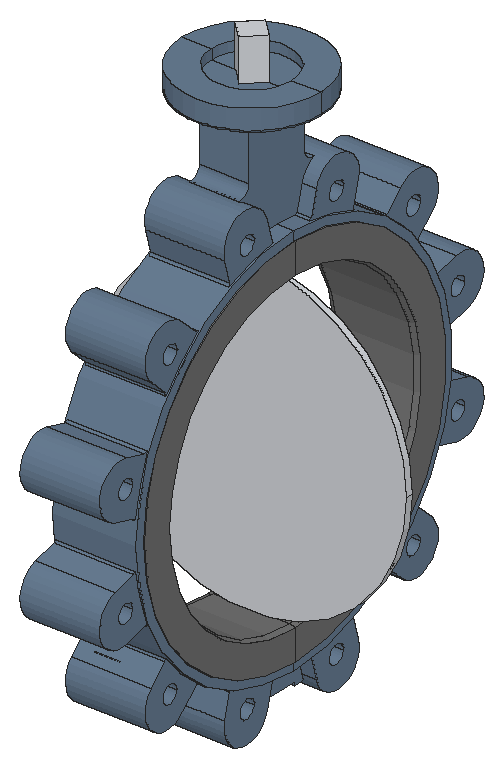
Revit family "HERZ Isolating Butterfly Valves AF-4219", category Rohrzubehör, Revit 2018
Family settings
  Bemaßung runder Anschluss = Durchmesser verwenden
  Teiletyp = Unterbricht
  OmniClass-Nummer = 23.65.55.14
  OmniClass-Titel = Valves for Liquid Services
  Arbeitsebenenbasiert = Nein
  Immer vertikal = Ja
  Beim Laden mit Abzugskörper schneiden = Nein
  Gemeinsam genutzt = Nein
Parameters
  Weight [instance] = size_lookup("4219_AF_", "Gewicht", 3.8, Nennweite)  # 37.6
  URL = "www.herzvalves.com"
  Spindle = "stainless steel ASTM-A276 / Type 316"  # constant formula
  Screws [instance] = if(Nennweite = 50.000 mm, "4x M16x35", if(Nennweite = 65.000 mm, "4x M16x35", if(Nennweite = 80.000 mm, "8x M16x35", if(Nennweite = 100.000 mm, "8x M16x40", if(Nennweite = 125.000 mm, "8x M16x40", if(Nennweite = 150.000 mm, "8x M20x40", if(Nennweite = 200.000 mm, "12x M20x45", if(Nennweite = 250.000 mm, "12x M24x45", "12x M24x45"))))))))  # "12x M24x45"
  SCTWSEQ = "FW;SBT_TYP_FW=\"101\";2"
  SCTWCODE = "04;07;02"  # constant formula
  SCRNSEQ = "ARM;ARM_TYP=\"ALLF\";2"
  SCRNCODE = "05;13;02"  # constant formula
  R99 = 1.500 mm  # constant formula
  R02 [instance] = size_lookup("4219_AF_", "R2", 1.000 mm, Nennweite)  # 37.500 mm
  Part number [instance] = size_lookup("4219_AF_", "Artnr", 421911, Nennweite)  # 1421939
  PN [instance] = size_lookup("4219_AF_", "PN", 16, Nennweite)  # 10
  O-Ring = "EPDM entsprechend ISO 1691"  # constant formula
  Min. operating temperature = "-20.00 °C with appropriate water-glycol mixture"  # constant formula
  Medium = "Heating water quality according ÖNORM H5195 or VDI-Standard 2035. The use of ethylene or propylene glycol in a\nmixing ratio 25- 50% is allowed."
  Max. operating temperature = 110 °C  # constant formula
  L05 [instance] = size_lookup("4219_AF_", "L5", 1.000 mm, Nennweite)  # 22.000 mm
  L04 [instance] = L01 - 3.500 mm  # 35.500 mm
  L03 [instance] = L01 + 1.500 mm  # 40.500 mm
  L02 [instance] = size_lookup("4219_AF_", "L2", 14.500 mm, Nennweite)  # 30.500 mm
  L01 [instance] = size_lookup("4219_AF_", "L1", 21.500 mm, Nennweite)  # 39.000 mm
  R01 [instance] = size_lookup("4219_AF_", "R1", 44.000 mm, Nennweite)  # 65.000 mm
  Nennweite [instance] = 300.000 mm
  Hersteller = "HERZ Armaturen Ges.m.b.H."  # constant formula
  H05 [instance] = size_lookup("4219_AF_", "H5", 1.000 mm, Nennweite) + H03  # 39.000 mm
  H04 [instance] = H01 - H03  # 299.000 mm
  H03 [instance] = size_lookup("4219_AF_", "H3", 1.000 mm, Nennweite)  # 9.000 mm
  H02 [instance] = size_lookup("4219_AF_", "H2", 13.000 mm, Nennweite)  # 20.000 mm
  H01 [instance] = size_lookup("4219_AF_", "H1", 125.000 mm, Nennweite)  # 308.000 mm
  Flange = "accoding to EN1092-2"  # constant formula
  Torque in NM [instance] = size_lookup("4219_AF_", "Nm", 20, Nennweite)  # 350
  Disc = "stainless steel 1.4408"  # constant formula
  DN80 [instance] = Nennweite = 80.000 mm  # no
  DN65 [instance] = Nennweite = 65.000 mm  # no
  DN50 [instance] = Nennweite = 50.000 mm  # no
  DN300 [instance] = Nennweite = 300.000 mm  # yes
  DN250 [instance] = Nennweite = 250.000 mm  # no
  DN200 [instance] = Nennweite = 200.000 mm  # no
  DN150 [instance] = Nennweite = 150.000 mm  # no
  DN125 [instance] = Nennweite = 125.000 mm  # no
  DN100 [instance] = Nennweite = 100.000 mm  # no
  D06 [instance] = size_lookup("4219_AF_", "D6", 25.300 mm, Nennweite)  # 146.500 mm
  D05 [instance] = size_lookup("4219_AF_", "D5", 24.500 mm, Nennweite)  # 145.000 mm
  D04 [instance] = D05 + 2.000 mm  # 147.000 mm
  D03 [instance] = size_lookup("4219_AF_", "D3", 35.500 mm, Nennweite)  # 167.500 mm
  D02 [instance] = size_lookup("4219_AF_", "D2", 41.000 mm, Nennweite)  # 175.000 mm
  D01 [instance] = size_lookup("4219_AF_", "D1", 47.000 mm, Nennweite)  # 183.000 mm
  Body sealing = "EPDM according to ISO 1691"  # constant formula
  Body = "GGG, GJS-400-15/JS1030, according to EN1563"  # constant formula
  Application = "Suitable for fluids in building services, cold water systems, hot water saystems, etc."
Reference planes
  plane 1 "Mitte (Vorne/hinten)": y = 0
  plane 2: z = 0
  plane 3 "Mitte (Links/rechts)": x = 0
Forms (mm)
  Revolve 1, solid, material "Herz-Metall-blau", detail levels fine
    sketch origin (0, 0, 0) x (1, 0, 0) y (0, 0, 1)
      loop
        line (-30.5, 175) -> (-30.5, 167.5) -> (30.5, 167.5) -> (30.5, 175) -> (39, 175) -> (39, 183) -> (-39, 183) -> (-39, 175) -> (-30.5, 175)
      axis (-39, 0) -> (39, 0)
    angle from 0 to 360
  Revolve 2, solid, material "Herz-Metall-blau", detail levels fine
    sketch origin (0, 0, 0) x (1, 0, 0) y (0, 0, 1)
      loop
        line (-65, 308) -> (-65, 289.463)
        arc (-65, 289.463) -> (-64.673, 288.527) -> (-63.833, 288) r 1.5
        line (-63.833, 288) -> (0, 288) -> (0, 299) -> (-37.5, 299) -> (-37.5, 308) -> (-65, 308)
      axis (0, 308) -> (0, 288)
    angle from 0 to 360
  Extrusion 3, solid, material "Herz-Metall-blau", visible <- "DN50", detail levels fine
    sketch origin (0, 0, 0) x (0, 1, 0) y (0, 0, 1)
      loop
        line (56.215, -32.173) -> (43.95, -19.909)
        arc (43.95, -19.909) -> (43.387, -18.793) -> (43.596, -17.56) r 2
        arc (43.596, -17.56) -> (33.234, -33.234) -> (17.56, -43.596) r 47
        arc (17.56, -43.596) -> (18.793, -43.387) -> (19.909, -43.95) r 2
        line (19.909, -43.95) -> (32.173, -56.215)
        arc (32.173, -56.215) -> (56.215, -56.215) -> (56.215, -32.173) r 17
      loop
        arc (-56.215, -32.173) -> (-56.215, -56.215) -> (-32.173, -56.215) r 17
        line (-32.173, -56.215) -> (-19.909, -43.95)
        arc (-19.909, -43.95) -> (-18.793, -43.387) -> (-17.56, -43.596) r 2
        arc (-17.56, -43.596) -> (-33.234, -33.234) -> (-43.596, -17.56) r 47
        arc (-43.596, -17.56) -> (-43.387, -18.793) -> (-43.95, -19.909) r 2
        line (-43.95, -19.909) -> (-56.215, -32.173)
      loop
        arc (56.215, 32.173) -> (56.215, 56.215) -> (32.173, 56.215) r 17
        line (32.173, 56.215) -> (19.909, 43.95)
        arc (19.909, 43.95) -> (18.793, 43.387) -> (17.56, 43.596) r 2
        arc (17.56, 43.596) -> (33.234, 33.234) -> (43.596, 17.56) r 47
        arc (43.596, 17.56) -> (43.387, 18.793) -> (43.95, 19.909) r 2
        line (43.95, 19.909) -> (56.215, 32.173)
      loop
        line (-56.215, 32.173) -> (-43.95, 19.909)
        arc (-43.95, 19.909) -> (-43.387, 18.793) -> (-43.596, 17.56) r 2
        arc (-43.596, 17.56) -> (-33.234, 33.234) -> (-17.56, 43.596) r 47
        arc (-17.56, 43.596) -> (-18.793, 43.387) -> (-19.909, 43.95) r 2
        line (-19.909, 43.95) -> (-32.173, 56.215)
        arc (-32.173, 56.215) -> (-56.215, 56.215) -> (-56.215, 32.173) r 17
      loop
        circle (-44.194, 44.194) r 6.92
      loop
        circle (44.194, 44.194) r 6.92
      loop
        circle (44.194, -44.194) r 6.92
      loop
        circle (-44.194, -44.194) r 6.92
    from -19.5 to 19.5
  Extrusion 4, solid, material "Herz-Metall-blau", visible <- "DN50", detail levels fine
    sketch origin (0, 0, 0) x (0, 1, 0) y (0, 0, 1)
      loop
        line (20, 74.845) -> (20, 112) -> (-20, 112) -> (-20, 74.845)
        arc (-20, 74.845) -> (-26.046, 62.811) -> (-39.31, 60.477) r 15
        arc (-39.31, 60.477) -> (-35.477, 58.789) -> (-32.173, 56.215) r 17
        line (-32.173, 56.215) -> (-19.909, 43.95)
        arc (-19.909, 43.95) -> (-18.793, 43.387) -> (-17.56, 43.596) r 2
        arc (-17.56, 43.596) -> (0, 47) -> (17.56, 43.596) r 47
        arc (17.56, 43.596) -> (18.793, 43.387) -> (19.909, 43.95) r 2
        line (19.909, 43.95) -> (32.173, 56.215)
        arc (32.173, 56.215) -> (35.477, 58.789) -> (39.31, 60.477) r 17
        arc (39.31, 60.477) -> (26.046, 62.811) -> (20, 74.845) r 15
    from -15 to 15
  Extrusion 5, solid, material "Herz-Metall-blau", visible <- "DN50"
    sketch origin (0, 0, 0) x (0, 1, 0) y (0, 0, 1)
      loop
        arc (33.834, -58) -> (34.246, -58.062) -> (34.622, -58.243) r 1.4
        arc (34.622, -58.243) -> (33.35, -57.286) -> (32.173, -56.215) r 17
        line (32.173, -56.215) -> (19.909, -43.95)
        arc (19.909, -43.95) -> (18.793, -43.387) -> (17.56, -43.596) r 2
        arc (17.56, -43.596) -> (0, -47) -> (-17.56, -43.596) r 47
        arc (-17.56, -43.596) -> (-18.793, -43.387) -> (-19.909, -43.95) r 2
        line (-19.909, -43.95) -> (-32.173, -56.215)
        arc (-32.173, -56.215) -> (-33.35, -57.286) -> (-34.622, -58.243) r 17
        arc (-34.622, -58.243) -> (-34.246, -58.062) -> (-33.834, -58) r 1.4
        line (-33.834, -58) -> (-16.963, -58)
        arc (-16.963, -58) -> (-15.575, -58.575) -> (-15, -59.963) r 1.963
        line (-15, -59.963) -> (-15, -61) -> (15, -61) -> (15, -59.963)
        arc (15, -59.963) -> (15.575, -58.575) -> (16.963, -58) r 1.963
        line (16.963, -58) -> (33.834, -58)
    from -15 to 15
  Revolve 6, solid, material "Gummi", detail levels fine
    sketch origin (-134.5, 0, 0) x (1, 0, 0) y (0, 0, 1)
      loop
        line (94, 175) -> (94, 147) -> (99, 145) -> (170, 145) -> (175, 147) -> (175, 175) -> (165, 175) -> (165, 167.5) -> (104, 167.5) -> (104, 175) -> (94, 175)
      axis (94, 0) -> (175, 0)
    angle from 0 to 360
  Extrusion 7, solid, detail levels fine
    sketch origin (0, 0, 0) x (1, 0, 0) y (0, 0, 1)
      loop
        circle (0, 0) r 146.5
    from -2.5 to 2.5
  Extrusion 8, solid, material "Herz-Metall-blau", visible <- "DN65", detail levels fine
    sketch origin (0, -300, 0) x (0, 1, 0) y (0, 0, 1)
      loop
        circle (351.265, 51.265) r 6.92
      loop
        arc (363.286, 39.244) -> (363.286, 63.286) -> (339.244, 63.286) r 17
        line (339.244, 63.286) -> (328.595, 52.636)
        arc (328.595, 52.636) -> (327.499, 52.076) -> (326.282, 52.264) r 2
        arc (326.282, 52.264) -> (341.366, 41.366) -> (352.264, 26.282) r 58.501
        arc (352.264, 26.282) -> (352.087, 27.51) -> (352.656, 28.614) r 2.038
        line (352.656, 28.614) -> (363.286, 39.244)
      loop
        circle (351.265, -51.265) r 6.92
      loop
        line (363.286, -39.244) -> (352.656, -28.614)
        arc (352.656, -28.614) -> (352.087, -27.51) -> (352.264, -26.282) r 2.038
        arc (352.264, -26.282) -> (341.366, -41.366) -> (326.282, -52.264) r 58.501
        arc (326.282, -52.264) -> (327.499, -52.076) -> (328.595, -52.636) r 2
        line (328.595, -52.636) -> (339.244, -63.286)
        arc (339.244, -63.286) -> (363.286, -63.286) -> (363.286, -39.244) r 17
      loop
        circle (248.735, 51.265) r 6.92
      loop
        line (236.714, 39.244) -> (247.344, 28.614)
        arc (247.344, 28.614) -> (247.913, 27.51) -> (247.736, 26.282) r 2.038
        arc (247.736, 26.282) -> (258.634, 41.366) -> (273.718, 52.264) r 58.501
        arc (273.718, 52.264) -> (272.501, 52.076) -> (271.405, 52.636) r 2
        line (271.405, 52.636) -> (260.756, 63.286)
        arc (260.756, 63.286) -> (236.714, 63.286) -> (236.714, 39.244) r 17
      loop
        circle (248.735, -51.265) r 6.92
      loop
        arc (236.714, -39.244) -> (236.714, -63.286) -> (260.756, -63.286) r 17
        line (260.756, -63.286) -> (271.405, -52.636)
        arc (271.405, -52.636) -> (272.501, -52.076) -> (273.718, -52.264) r 2
        arc (273.718, -52.264) -> (258.634, -41.366) -> (247.736, -26.282) r 58.501
        arc (247.736, -26.282) -> (247.913, -27.51) -> (247.344, -28.614) r 2.038
        line (247.344, -28.614) -> (236.714, -39.244)
    from -21 to 21
  Extrusion 9, solid, material "Herz-Metall-blau", visible <- "DN65", detail levels fine
    sketch origin (0, -300, 0) x (0, 1, 0) y (0, 0, 1)
      loop
        line (278, 136.5) -> (278, 78.286)
        arc (278, 78.286) -> (272.889, 69.099) -> (263, 65.53) r 14.984
        line (263, 65.53) -> (257.982, 65.53)
        arc (257.982, 65.53) -> (259.428, 64.481) -> (260.756, 63.286) r 17
        line (260.756, 63.286) -> (271.405, 52.636)
        arc (271.405, 52.636) -> (272.501, 52.076) -> (273.718, 52.264) r 2
        arc (273.718, 52.264) -> (300, 58.5) -> (326.282, 52.264) r 58.5
        arc (326.282, 52.264) -> (327.499, 52.076) -> (328.595, 52.636) r 2
        line (328.595, 52.636) -> (339.244, 63.286)
        arc (339.244, 63.286) -> (340.572, 64.481) -> (342.018, 65.53) r 17
        line (342.018, 65.53) -> (337, 65.53)
        arc (337, 65.53) -> (327.111, 69.099) -> (322, 78.286) r 14.984
        line (322, 78.286) -> (322, 136.5) -> (278, 136.5)
      loop
        arc (260.756, -63.286) -> (259.428, -64.481) -> (257.982, -65.53) r 17
        line (257.982, -65.53) -> (280.029, -65.53)
        arc (280.029, -65.53) -> (281.423, -66.108) -> (282, -67.501) r 1.971
        line (282, -67.501) -> (282, -74) -> (318, -74) -> (318, -67.527)
        arc (318, -67.527) -> (318.585, -66.115) -> (319.997, -65.53) r 1.997
        line (319.997, -65.53) -> (342.018, -65.53)
        arc (342.018, -65.53) -> (340.572, -64.481) -> (339.244, -63.286) r 17
        line (339.244, -63.286) -> (328.595, -52.636)
        arc (328.595, -52.636) -> (327.499, -52.076) -> (326.282, -52.264) r 2
        arc (326.282, -52.264) -> (300, -58.5) -> (273.718, -52.264) r 58.5
        arc (273.718, -52.264) -> (272.501, -52.076) -> (271.405, -52.636) r 2
        line (271.405, -52.636) -> (260.756, -63.286)
    from -18 to 18
  Extrusion 10, solid, material "Herz-Metall-blau", visible <- "DN80", detail levels fine
    sketch origin (0, -300, 0) x (0, 1, 0) y (0, 0, 1)
      loop
        circle (269.385, 73.91) r 6.92
      loop
        arc (285.091, 80.416) -> (262.88, 89.616) -> (253.679, 67.405) r 17
        line (253.679, 67.405) -> (259.513, 53.322)
        arc (259.513, 53.322) -> (259.602, 52.073) -> (258.924, 51.02) r 1.982
        arc (258.924, 51.02) -> (274.934, 60.514) -> (292.968, 65.121) r 65.5
        arc (292.968, 65.121) -> (291.745, 65.388) -> (290.924, 66.335) r 1.984
        line (290.924, 66.335) -> (285.091, 80.416)
      loop
        circle (226.09, 30.615) r 6.92
      loop
        line (219.584, 14.909) -> (233.665, 9.076)
        arc (233.665, 9.076) -> (234.612, 8.255) -> (234.879, 7.032) r 1.984
        arc (234.879, 7.032) -> (239.486, 25.066) -> (248.98, 41.076) r 65.5
        arc (248.98, 41.076) -> (247.927, 40.398) -> (246.678, 40.487) r 1.982
        line (246.678, 40.487) -> (232.595, 46.321)
        arc (232.595, 46.321) -> (210.384, 37.12) -> (219.584, 14.909) r 17
      loop
        circle (269.385, -73.91) r 6.92
      loop
        line (285.091, -80.416) -> (290.924, -66.335)
        arc (290.924, -66.335) -> (291.745, -65.388) -> (292.968, -65.121) r 1.984
        arc (292.968, -65.121) -> (274.934, -60.514) -> (258.924, -51.02) r 65.5
        arc (258.924, -51.02) -> (259.602, -52.073) -> (259.513, -53.322) r 1.982
        line (259.513, -53.322) -> (253.679, -67.405)
        arc (253.679, -67.405) -> (262.88, -89.616) -> (285.091, -80.416) r 17
      loop
        circle (226.09, -30.615) r 6.92
      loop
        arc (219.584, -14.909) -> (210.384, -37.12) -> (232.595, -46.321) r 17
        line (232.595, -46.321) -> (246.678, -40.487)
        arc (246.678, -40.487) -> (247.927, -40.398) -> (248.98, -41.076) r 1.982
        arc (248.98, -41.076) -> (239.486, -25.066) -> (234.879, -7.032) r 65.5
        arc (234.879, -7.032) -> (234.612, -8.255) -> (233.665, -9.076) r 1.984
        line (233.665, -9.076) -> (219.584, -14.909)
      loop
        circle (330.615, 73.91) r 6.92
      loop
        line (314.909, 80.416) -> (309.076, 66.335)
        arc (309.076, 66.335) -> (308.255, 65.388) -> (307.032, 65.121) r 1.984
        arc (307.032, 65.121) -> (325.066, 60.514) -> (341.076, 51.02) r 65.5
        arc (341.076, 51.02) -> (340.398, 52.073) -> (340.487, 53.322) r 1.982
        line (340.487, 53.322) -> (346.321, 67.405)
        arc (346.321, 67.405) -> (337.12, 89.616) -> (314.909, 80.416) r 17
      loop
        circle (373.91, 30.615) r 6.92
      loop
        arc (380.416, 14.909) -> (389.616, 37.12) -> (367.405, 46.321) r 17
        line (367.405, 46.321) -> (353.322, 40.487)
        arc (353.322, 40.487) -> (352.073, 40.398) -> (351.02, 41.076) r 1.982
        arc (351.02, 41.076) -> (360.514, 25.066) -> (365.121, 7.032) r 65.5
        arc (365.121, 7.032) -> (365.388, 8.255) -> (366.335, 9.076) r 1.984
        line (366.335, 9.076) -> (380.416, 14.909)
      loop
        circle (330.615, -73.91) r 6.92
      loop
        arc (314.909, -80.416) -> (337.12, -89.616) -> (346.321, -67.405) r 17
        line (346.321, -67.405) -> (340.487, -53.322)
        arc (340.487, -53.322) -> (340.398, -52.073) -> (341.076, -51.02) r 1.982
        arc (341.076, -51.02) -> (325.066, -60.514) -> (307.032, -65.121) r 65.5
        arc (307.032, -65.121) -> (308.255, -65.388) -> (309.076, -66.335) r 1.984
        line (309.076, -66.335) -> (314.909, -80.416)
      loop
        circle (373.91, -30.615) r 6.92
      loop
        line (380.416, -14.909) -> (366.335, -9.076)
        arc (366.335, -9.076) -> (365.388, -8.255) -> (365.121, -7.032) r 1.984
        arc (365.121, -7.032) -> (360.514, -25.066) -> (351.02, -41.076) r 65.5
        arc (351.02, -41.076) -> (352.073, -40.398) -> (353.322, -40.487) r 1.982
        line (353.322, -40.487) -> (367.405, -46.321)
        arc (367.405, -46.321) -> (389.616, -37.12) -> (380.416, -14.909) r 17
    from -21 to 21
  Extrusion 11, solid, material "Herz-Metall-blau", visible <- "DN80", detail levels fine
    sketch origin (0, -300, 0) x (0, 1, 0) y (0, 0, 1)
      loop
        line (278, 143.5) -> (278, 100.814)
        arc (278, 100.814) -> (275.545, 94.251) -> (269.385, 90.91) r 10
        arc (269.385, 90.91) -> (278.83, 88.045) -> (285.091, 80.416) r 17
        line (285.091, 80.416) -> (290.924, 66.335)
        arc (290.924, 66.335) -> (291.744, 65.388) -> (292.968, 65.121) r 1.984
        arc (292.968, 65.121) -> (300, 65.497) -> (307.032, 65.121) r 66.05
        arc (307.032, 65.121) -> (308.256, 65.388) -> (309.076, 66.335) r 1.984
        line (309.076, 66.335) -> (314.909, 80.416)
        arc (314.909, 80.416) -> (321.17, 88.045) -> (330.615, 90.91) r 17
        arc (330.615, 90.91) -> (324.455, 94.251) -> (322, 100.814) r 10
        line (322, 100.814) -> (322, 143.5) -> (278, 143.5)
      loop
        line (285.091, -80.416) -> (286.5, -80.946) -> (313.5, -80.946) -> (314.89, -80.371) -> (309.076, -66.335)
        arc (309.076, -66.335) -> (308.256, -65.388) -> (307.032, -65.121) r 1.984
        arc (307.032, -65.121) -> (300, -65.497) -> (292.968, -65.121) r 66.05
        arc (292.968, -65.121) -> (291.744, -65.388) -> (290.924, -66.335) r 1.984
        line (290.924, -66.335) -> (285.091, -80.416)
    from -18.5 to 18.5
  Extrusion 12, solid, material "Herz-Metall-blau", visible <- "DN100", detail levels fine
    sketch origin (0, -300, 0) x (0, 1, 0) y (0, 0, 1)
      loop
        circle (265.558, 83.149) r 6.92
      loop
        arc (281.264, 89.655) -> (259.053, 98.855) -> (249.853, 76.644) r 17
        line (249.853, 76.644) -> (255.731, 62.451)
        arc (255.731, 62.451) -> (255.813, 61.14) -> (255.074, 60.055) r 2.025
        arc (255.074, 60.055) -> (271.3, 69.291) -> (289.305, 74.233) r 75
        arc (289.305, 74.233) -> (288.012, 74.478) -> (287.142, 75.464) r 2.027
        line (287.142, 75.464) -> (281.264, 89.655)
      loop
        circle (216.851, 34.442) r 6.92
      loop
        line (210.345, 18.736) -> (224.536, 12.858)
        arc (224.536, 12.858) -> (225.522, 11.988) -> (225.767, 10.695) r 2.027
        arc (225.767, 10.695) -> (230.709, 28.7) -> (239.945, 44.926) r 75
        arc (239.945, 44.926) -> (238.86, 44.187) -> (237.549, 44.269) r 2.025
        line (237.549, 44.269) -> (223.356, 50.147)
        arc (223.356, 50.147) -> (201.145, 40.947) -> (210.345, 18.736) r 17
      loop
        circle (265.558, -83.149) r 6.92
      loop
        line (281.264, -89.655) -> (287.142, -75.464)
        arc (287.142, -75.464) -> (288.012, -74.478) -> (289.305, -74.233) r 2.027
        arc (289.305, -74.233) -> (271.3, -69.291) -> (255.074, -60.055) r 75
        arc (255.074, -60.055) -> (255.813, -61.14) -> (255.731, -62.451) r 2.025
        line (255.731, -62.451) -> (249.853, -76.644)
        arc (249.853, -76.644) -> (259.053, -98.855) -> (281.264, -89.655) r 17
      loop
        circle (216.851, -34.442) r 6.92
      loop
        arc (210.345, -18.736) -> (201.145, -40.947) -> (223.356, -50.147) r 17
        line (223.356, -50.147) -> (237.549, -44.269)
        arc (237.549, -44.269) -> (238.86, -44.187) -> (239.945, -44.926) r 2.025
        arc (239.945, -44.926) -> (230.709, -28.7) -> (225.767, -10.695) r 75
        arc (225.767, -10.695) -> (225.522, -11.988) -> (224.536, -12.858) r 2.027
        line (224.536, -12.858) -> (210.345, -18.736)
      loop
        circle (334.442, 83.149) r 6.92
      loop
        line (318.736, 89.655) -> (312.858, 75.464)
        arc (312.858, 75.464) -> (311.988, 74.478) -> (310.695, 74.233) r 2.027
        arc (310.695, 74.233) -> (328.7, 69.291) -> (344.926, 60.055) r 75
        arc (344.926, 60.055) -> (344.187, 61.14) -> (344.269, 62.451) r 2.025
        line (344.269, 62.451) -> (350.147, 76.644)
        arc (350.147, 76.644) -> (340.947, 98.855) -> (318.736, 89.655) r 17
      loop
        circle (383.149, 34.442) r 6.92
      loop
        arc (389.655, 18.736) -> (398.855, 40.947) -> (376.644, 50.147) r 17
        line (376.644, 50.147) -> (362.451, 44.269)
        arc (362.451, 44.269) -> (361.14, 44.187) -> (360.055, 44.926) r 2.025
        arc (360.055, 44.926) -> (369.291, 28.7) -> (374.233, 10.695) r 75
        arc (374.233, 10.695) -> (374.478, 11.988) -> (375.464, 12.858) r 2.027
        line (375.464, 12.858) -> (389.655, 18.736)
      loop
        circle (334.442, -83.149) r 6.92
      loop
        arc (318.736, -89.655) -> (340.947, -98.855) -> (350.147, -76.644) r 17
        line (350.147, -76.644) -> (344.269, -62.451)
        arc (344.269, -62.451) -> (344.187, -61.14) -> (344.926, -60.055) r 2.025
        arc (344.926, -60.055) -> (328.7, -69.291) -> (310.695, -74.233) r 75
        arc (310.695, -74.233) -> (311.988, -74.478) -> (312.858, -75.464) r 2.027
        line (312.858, -75.464) -> (318.736, -89.655)
      loop
        circle (383.149, -34.442) r 6.92
      loop
        line (389.655, -18.736) -> (375.464, -12.858)
        arc (375.464, -12.858) -> (374.478, -11.988) -> (374.233, -10.695) r 2.027
        arc (374.233, -10.695) -> (369.291, -28.7) -> (360.055, -44.926) r 75
        arc (360.055, -44.926) -> (361.14, -44.187) -> (362.451, -44.269) r 2.025
        line (362.451, -44.269) -> (376.644, -50.147)
        arc (376.644, -50.147) -> (398.855, -40.947) -> (389.655, -18.736) r 17
    from -24 to 24
  Extrusion 13, solid, material "Herz-Metall-blau", visible <- "DN100", detail levels fine
    sketch origin (0, -300, 0) x (0, 1, 0) y (0, 0, 1)
      loop
        line (274, 167) -> (274, 114.47)
        arc (274, 114.47) -> (270.644, 105.014) -> (262.078, 99.789) r 15
        arc (262.078, 99.789) -> (273.498, 98.181) -> (281.264, 89.655) r 17
        line (281.264, 89.655) -> (287.142, 75.464)
        arc (287.142, 75.464) -> (288.012, 74.478) -> (289.305, 74.233) r 2.027
        arc (289.305, 74.233) -> (300, 75) -> (310.695, 74.233) r 75
        arc (310.695, 74.233) -> (311.988, 74.478) -> (312.858, 75.464) r 2.027
        line (312.858, 75.464) -> (318.736, 89.655)
        arc (318.736, 89.655) -> (326.502, 98.181) -> (337.922, 99.789) r 17
        arc (337.922, 99.789) -> (329.356, 105.014) -> (326, 114.47) r 15
        line (326, 114.47) -> (326, 167) -> (274, 167)
      loop
        line (286.5, -93) -> (313.5, -93) -> (313.5, -96) -> (323.312, -96)
        arc (323.312, -96) -> (320.654, -93.094) -> (318.736, -89.655) r 17
        line (318.736, -89.655) -> (312.858, -75.464)
        arc (312.858, -75.464) -> (311.988, -74.478) -> (310.695, -74.233) r 2.027
        arc (310.695, -74.233) -> (300, -75) -> (289.305, -74.233) r 75
        arc (289.305, -74.233) -> (288.012, -74.478) -> (287.142, -75.464) r 2.027
        line (287.142, -75.464) -> (281.264, -89.655)
        arc (281.264, -89.655) -> (279.346, -93.094) -> (276.688, -96) r 17
        line (276.688, -96) -> (286.5, -96) -> (286.5, -93)
    from -18 to 18
  Extrusion 14, solid, material "Herz-Metall-blau", visible <- "DN125", detail levels fine
    sketch origin (0, -300, 0) x (0, 1, 0) y (0, 0, 1)
      loop
        circle (259.818, 97.007) r 6.92
      loop
        arc (275.524, 103.513) -> (253.313, 112.713) -> (244.112, 90.502) r 17
        line (244.112, 90.502) -> (249.217, 78.179)
        arc (249.217, 78.179) -> (249.286, 76.825) -> (248.485, 75.731) r 2.023
        arc (248.485, 75.731) -> (264.902, 84.594) -> (282.772, 89.957) r 91.852
        arc (282.772, 89.957) -> (281.505, 90.18) -> (280.649, 91.141) r 1.958
        line (280.649, 91.141) -> (275.524, 103.513)
      loop
        circle (202.993, 40.182) r 6.92
      loop
        line (196.487, 24.476) -> (208.859, 19.351)
        arc (208.859, 19.351) -> (209.82, 18.495) -> (210.043, 17.228) r 1.958
        arc (210.043, 17.228) -> (215.406, 35.098) -> (224.269, 51.515) r 91.852
        arc (224.269, 51.515) -> (223.175, 50.714) -> (221.821, 50.783) r 2.023
        line (221.821, 50.783) -> (209.498, 55.888)
        arc (209.498, 55.888) -> (187.287, 46.687) -> (196.487, 24.476) r 17
      loop
        circle (259.818, -97.007) r 6.92
      loop
        line (275.524, -103.513) -> (280.649, -91.141)
        arc (280.649, -91.141) -> (281.505, -90.18) -> (282.772, -89.957) r 1.958
        arc (282.772, -89.957) -> (264.902, -84.594) -> (248.485, -75.731) r 91.852
        arc (248.485, -75.731) -> (249.286, -76.825) -> (249.217, -78.179) r 2.023
        line (249.217, -78.179) -> (244.112, -90.502)
        arc (244.112, -90.502) -> (253.313, -112.713) -> (275.524, -103.513) r 17
      loop
        circle (202.993, -40.182) r 6.92
      loop
        arc (196.487, -24.476) -> (187.287, -46.687) -> (209.498, -55.888) r 17
        line (209.498, -55.888) -> (221.821, -50.783)
        arc (221.821, -50.783) -> (223.175, -50.714) -> (224.269, -51.515) r 2.023
        arc (224.269, -51.515) -> (215.406, -35.098) -> (210.043, -17.228) r 91.852
        arc (210.043, -17.228) -> (209.82, -18.495) -> (208.859, -19.351) r 1.958
        line (208.859, -19.351) -> (196.487, -24.476)
      loop
        circle (340.182, 97.007) r 6.92
      loop
        line (324.476, 103.513) -> (319.351, 91.141)
        arc (319.351, 91.141) -> (318.495, 90.18) -> (317.228, 89.957) r 1.958
        arc (317.228, 89.957) -> (335.098, 84.594) -> (351.515, 75.731) r 91.852
        arc (351.515, 75.731) -> (350.714, 76.825) -> (350.783, 78.179) r 2.023
        line (350.783, 78.179) -> (355.888, 90.502)
        arc (355.888, 90.502) -> (346.687, 112.713) -> (324.476, 103.513) r 17
      loop
        circle (397.007, 40.182) r 6.92
      loop
        arc (403.513, 24.476) -> (412.713, 46.687) -> (390.502, 55.888) r 17
        line (390.502, 55.888) -> (378.179, 50.783)
        arc (378.179, 50.783) -> (376.825, 50.714) -> (375.731, 51.515) r 2.023
        arc (375.731, 51.515) -> (384.594, 35.098) -> (389.957, 17.228) r 91.852
        arc (389.957, 17.228) -> (390.18, 18.495) -> (391.141, 19.351) r 1.958
        line (391.141, 19.351) -> (403.513, 24.476)
      loop
        circle (340.182, -97.007) r 6.92
      loop
        arc (324.476, -103.513) -> (346.687, -112.713) -> (355.888, -90.502) r 17
        line (355.888, -90.502) -> (350.783, -78.179)
        arc (350.783, -78.179) -> (350.714, -76.825) -> (351.515, -75.731) r 2.023
        arc (351.515, -75.731) -> (335.098, -84.594) -> (317.228, -89.957) r 91.852
        arc (317.228, -89.957) -> (318.495, -90.18) -> (319.351, -91.141) r 1.958
        line (319.351, -91.141) -> (324.476, -103.513)
      loop
        circle (397.007, -40.182) r 6.92
      loop
        line (403.513, -24.476) -> (391.141, -19.351)
        arc (391.141, -19.351) -> (390.18, -18.495) -> (389.957, -17.228) r 1.958
        arc (389.957, -17.228) -> (384.594, -35.098) -> (375.731, -51.515) r 91.852
        arc (375.731, -51.515) -> (376.825, -50.714) -> (378.179, -50.783) r 2.023
        line (378.179, -50.783) -> (390.502, -55.888)
        arc (390.502, -55.888) -> (412.713, -46.687) -> (403.513, -24.476) r 17
    from -26 to 26
  Extrusion 15, solid, material "Herz-Metall-blau", visible <- "DN125", detail levels fine
    sketch origin (0, -300, 0) x (0, 1, 0) y (0, 0, 1)
      loop
        line (273.999, 186) -> (273.95, 123.689)
        arc (273.95, 123.689) -> (270.458, 116.096) -> (262.42, 113.807) r 10
        arc (262.42, 113.807) -> (270.32, 110.376) -> (275.524, 103.513) r 17
        line (275.524, 103.513) -> (280.649, 91.141)
        arc (280.649, 91.141) -> (281.528, 90.167) -> (282.825, 89.967) r 1.958
        arc (282.825, 89.967) -> (299.999, 91.589) -> (317.173, 89.967) r 91.7
        arc (317.173, 89.967) -> (318.469, 90.167) -> (319.348, 91.141) r 1.958
        line (319.348, 91.141) -> (324.473, 103.513)
        arc (324.473, 103.513) -> (329.677, 110.376) -> (337.577, 113.807) r 17
        arc (337.577, 113.807) -> (329.539, 116.096) -> (325.999, 123.689) r 10
        line (325.999, 123.689) -> (325.999, 186) -> (273.999, 186)
      loop
        line (286.499, -110.51) -> (313.499, -110.51) -> (313.499, -113.51) -> (336.099, -113.51)
        arc (336.099, -113.51) -> (329.095, -109.897) -> (324.473, -103.513) r 17
        line (324.473, -103.513) -> (319.348, -91.141)
        arc (319.348, -91.141) -> (318.469, -90.167) -> (317.173, -89.967) r 1.958
        arc (317.173, -89.967) -> (299.999, -91.589) -> (282.825, -89.967) r 91.7
        arc (282.825, -89.967) -> (281.528, -90.167) -> (280.649, -91.141) r 1.958
        line (280.649, -91.141) -> (275.524, -103.513)
        arc (275.524, -103.513) -> (270.902, -109.897) -> (263.898, -113.51) r 17
        line (263.898, -113.51) -> (286.499, -113.51) -> (286.499, -110.51)
    from -18 to 18
  Extrusion 16, solid, material "Herz-Metall-blau", visible <- "DN150", detail levels fine
    sketch origin (0, -300, 0) x (0, 1, 0) y (0, 0, 1)
      loop
        circle (254.078, 110.866) r 8.645
      loop
        arc (273.479, 118.902) -> (246.042, 130.267) -> (234.677, 102.829) r 21
        line (234.677, 102.829) -> (241.591, 86.136)
        arc (241.591, 86.136) -> (241.664, 84.82) -> (240.899, 83.746) r 1.993
        arc (240.899, 83.746) -> (260.776, 94.698) -> (282.575, 101.008) r 102.504
        arc (282.575, 101.008) -> (281.263, 101.248) -> (280.379, 102.246) r 2.042
        line (280.379, 102.246) -> (273.479, 118.902)
      loop
        circle (189.134, 45.922) r 8.645
      loop
        line (181.098, 26.521) -> (197.754, 19.621)
        arc (197.754, 19.621) -> (198.752, 18.737) -> (198.992, 17.425) r 2.042
        arc (198.992, 17.425) -> (205.302, 39.224) -> (216.254, 59.101) r 102.504
        arc (216.254, 59.101) -> (215.18, 58.336) -> (213.864, 58.409) r 1.993
        line (213.864, 58.409) -> (197.171, 65.323)
        arc (197.171, 65.323) -> (169.733, 53.958) -> (181.098, 26.521) r 21
      loop
        circle (254.078, -110.866) r 8.645
      loop
        line (273.479, -118.902) -> (280.379, -102.246)
        arc (280.379, -102.246) -> (281.263, -101.248) -> (282.575, -101.008) r 2.042
        arc (282.575, -101.008) -> (260.776, -94.698) -> (240.899, -83.746) r 102.504
        arc (240.899, -83.746) -> (241.664, -84.82) -> (241.591, -86.136) r 1.993
        line (241.591, -86.136) -> (234.677, -102.829)
        arc (234.677, -102.829) -> (246.042, -130.267) -> (273.479, -118.902) r 21
      loop
        circle (189.134, -45.922) r 8.645
      loop
        arc (181.098, -26.521) -> (169.733, -53.958) -> (197.171, -65.323) r 21
        line (197.171, -65.323) -> (213.864, -58.409)
        arc (213.864, -58.409) -> (215.18, -58.336) -> (216.254, -59.101) r 1.993
        arc (216.254, -59.101) -> (205.302, -39.224) -> (198.992, -17.425) r 102.504
        arc (198.992, -17.425) -> (198.752, -18.737) -> (197.754, -19.621) r 2.042
        line (197.754, -19.621) -> (181.098, -26.521)
      loop
        circle (345.922, 110.866) r 8.645
      loop
        line (326.521, 118.902) -> (319.621, 102.246)
        arc (319.621, 102.246) -> (318.737, 101.248) -> (317.425, 101.008) r 2.042
        arc (317.425, 101.008) -> (339.224, 94.698) -> (359.101, 83.746) r 102.504
        arc (359.101, 83.746) -> (358.336, 84.82) -> (358.409, 86.136) r 1.993
        line (358.409, 86.136) -> (365.323, 102.829)
        arc (365.323, 102.829) -> (353.958, 130.267) -> (326.521, 118.902) r 21
      loop
        circle (410.866, 45.922) r 8.645
      loop
        arc (418.902, 26.521) -> (430.267, 53.958) -> (402.829, 65.323) r 21
        line (402.829, 65.323) -> (386.136, 58.409)
        arc (386.136, 58.409) -> (384.82, 58.336) -> (383.746, 59.101) r 1.993
        arc (383.746, 59.101) -> (394.698, 39.224) -> (401.008, 17.425) r 102.504
        arc (401.008, 17.425) -> (401.248, 18.737) -> (402.246, 19.621) r 2.042
        line (402.246, 19.621) -> (418.902, 26.521)
      loop
        circle (345.922, -110.866) r 8.645
      loop
        arc (326.521, -118.902) -> (353.958, -130.267) -> (365.323, -102.829) r 21
        line (365.323, -102.829) -> (358.409, -86.136)
        arc (358.409, -86.136) -> (358.336, -84.82) -> (359.101, -83.746) r 1.993
        arc (359.101, -83.746) -> (339.224, -94.698) -> (317.425, -101.008) r 102.504
        arc (317.425, -101.008) -> (318.737, -101.248) -> (319.621, -102.246) r 2.042
        line (319.621, -102.246) -> (326.521, -118.902)
      loop
        circle (410.866, -45.922) r 8.645
      loop
        line (418.902, -26.521) -> (402.246, -19.621)
        arc (402.246, -19.621) -> (401.248, -18.737) -> (401.008, -17.425) r 2.042
        arc (401.008, -17.425) -> (394.698, -39.224) -> (383.746, -59.101) r 102.504
        arc (383.746, -59.101) -> (384.82, -58.336) -> (386.136, -58.409) r 1.993
        line (386.136, -58.409) -> (402.829, -65.323)
        arc (402.829, -65.323) -> (430.267, -53.958) -> (418.902, -26.521) r 21
    from -26 to 26
  Extrusion 17, solid, material "Herz-Metall-blau", visible <- "DN150", detail levels fine
    sketch origin (0, -300, 0) x (0, 1, 0) y (0, 0, 1)
      loop
        line (274, 199) -> (274, 135)
        arc (274, 135) -> (272.527, 129.776) -> (268.541, 126.091) r 10
        arc (268.541, 126.091) -> (271.388, 122.755) -> (273.479, 118.902) r 21
        line (273.479, 118.902) -> (280.379, 102.246)
        arc (280.379, 102.246) -> (281.28, 101.239) -> (282.612, 101.014) r 2.042
        arc (282.612, 101.014) -> (300, 102.5) -> (317.388, 101.014) r 102.5
        arc (317.388, 101.014) -> (318.72, 101.239) -> (319.621, 102.246) r 2.042
        line (319.621, 102.246) -> (326.521, 118.902)
        arc (326.521, 118.902) -> (328.612, 122.755) -> (331.459, 126.091) r 21
        arc (331.459, 126.091) -> (327.473, 129.776) -> (326, 135) r 10
        line (326, 135) -> (326, 199) -> (274, 199)
      loop
        line (286.5, -122.5) -> (313.5, -122.5) -> (313.5, -125.5) -> (330.861, -125.5)
        arc (330.861, -125.5) -> (328.378, -122.407) -> (326.521, -118.902) r 21
        line (326.521, -118.902) -> (319.621, -102.246)
        arc (319.621, -102.246) -> (318.72, -101.239) -> (317.388, -101.014) r 2.042
        arc (317.388, -101.014) -> (300, -102.5) -> (282.612, -101.014) r 102.5
        arc (282.612, -101.014) -> (281.28, -101.239) -> (280.379, -102.246) r 2.042
        line (280.379, -102.246) -> (273.479, -118.902)
        arc (273.479, -118.902) -> (271.622, -122.407) -> (269.139, -125.5) r 21
        line (269.139, -125.5) -> (286.5, -125.5) -> (286.5, -122.5)
    from -18 to 18
  Extrusion 18, solid, material "Herz-Metall-blau", visible <- "DN200", detail levels fine
    sketch origin (0, -400, 0) x (0, 1, 0) y (0, 0, 1)
      loop
        circle (361.824, 142.474) r 8.645
      loop
        arc (382.109, 147.909) -> (356.389, 162.759) -> (341.54, 137.039) r 21
        line (341.54, 137.039) -> (345.801, 121.136)
        arc (345.801, 121.136) -> (345.679, 119.74) -> (344.688, 118.75) r 2.048
        arc (344.688, 118.75) -> (366.062, 126.527) -> (388.459, 130.491) r 131
        arc (388.459, 130.491) -> (387.159, 130.838) -> (386.388, 131.939) r 1.965
        line (386.388, 131.939) -> (382.109, 147.909)
      loop
        circle (257.526, 38.176) r 8.645
      loop
        line (252.091, 17.891) -> (268.061, 13.612)
        arc (268.061, 13.612) -> (269.162, 12.841) -> (269.509, 11.541) r 1.965
        arc (269.509, 11.541) -> (273.473, 33.938) -> (281.25, 55.312) r 131
        arc (281.25, 55.312) -> (280.26, 54.321) -> (278.864, 54.199) r 2.048
        line (278.864, 54.199) -> (262.961, 58.46)
        arc (262.961, 58.46) -> (237.241, 43.611) -> (252.091, 17.891) r 21
      loop
        circle (295.702, 104.298) r 8.645
      loop
        line (280.853, 89.449) -> (292.543, 77.758)
        arc (292.543, 77.758) -> (293.111, 76.539) -> (292.762, 75.24) r 1.965
        arc (292.762, 75.24) -> (307.393, 92.655) -> (324.816, 107.277) r 131
        arc (324.816, 107.277) -> (323.463, 106.914) -> (322.193, 107.506) r 2.048
        line (322.193, 107.506) -> (310.551, 119.147)
        arc (310.551, 119.147) -> (280.853, 119.147) -> (280.853, 89.449) r 21
      loop
        circle (361.824, -142.474) r 8.645
      loop
        line (382.109, -147.909) -> (386.388, -131.939)
        arc (386.388, -131.939) -> (387.159, -130.838) -> (388.459, -130.491) r 1.965
        arc (388.459, -130.491) -> (366.062, -126.527) -> (344.688, -118.75) r 131
        arc (344.688, -118.75) -> (345.679, -119.74) -> (345.801, -121.136) r 2.048
        line (345.801, -121.136) -> (341.54, -137.039)
        arc (341.54, -137.039) -> (356.389, -162.759) -> (382.109, -147.909) r 21
      loop
        circle (257.526, -38.176) r 8.645
      loop
        arc (252.091, -17.891) -> (237.241, -43.611) -> (262.961, -58.46) r 21
        line (262.961, -58.46) -> (278.864, -54.199)
        arc (278.864, -54.199) -> (280.26, -54.321) -> (281.25, -55.312) r 2.048
        arc (281.25, -55.312) -> (273.473, -33.938) -> (269.509, -11.541) r 131
        arc (269.509, -11.541) -> (269.162, -12.841) -> (268.061, -13.612) r 1.965
        line (268.061, -13.612) -> (252.091, -17.891)
      loop
        circle (295.702, -104.298) r 8.645
      loop
        arc (280.853, -89.449) -> (280.853, -119.147) -> (310.551, -119.147) r 21
        line (310.551, -119.147) -> (322.193, -107.506)
        arc (322.193, -107.506) -> (323.463, -106.914) -> (324.816, -107.277) r 2.048
        arc (324.816, -107.277) -> (307.393, -92.655) -> (292.762, -75.24) r 131
        arc (292.762, -75.24) -> (293.111, -76.539) -> (292.543, -77.758) r 1.965
        line (292.543, -77.758) -> (280.853, -89.449)
      loop
        circle (438.176, 142.474) r 8.645
      loop
        line (417.891, 147.909) -> (413.612, 131.939)
        arc (413.612, 131.939) -> (412.841, 130.838) -> (411.541, 130.491) r 1.965
        arc (411.541, 130.491) -> (433.938, 126.527) -> (455.312, 118.75) r 131
        arc (455.312, 118.75) -> (454.321, 119.74) -> (454.199, 121.136) r 2.048
        line (454.199, 121.136) -> (458.46, 137.039)
        arc (458.46, 137.039) -> (443.611, 162.759) -> (417.891, 147.909) r 21
      loop
        circle (542.474, 38.176) r 8.645
      loop
        arc (547.909, 17.891) -> (562.759, 43.611) -> (537.039, 58.46) r 21
        line (537.039, 58.46) -> (521.136, 54.199)
        arc (521.136, 54.199) -> (519.74, 54.321) -> (518.75, 55.312) r 2.048
        arc (518.75, 55.312) -> (526.527, 33.938) -> (530.491, 11.541) r 131
        arc (530.491, 11.541) -> (530.838, 12.841) -> (531.939, 13.612) r 1.965
        line (531.939, 13.612) -> (547.909, 17.891)
      loop
        circle (504.298, 104.298) r 8.645
      loop
        arc (519.147, 89.449) -> (519.147, 119.147) -> (489.449, 119.147) r 21
        line (489.449, 119.147) -> (477.807, 107.506)
        arc (477.807, 107.506) -> (476.537, 106.914) -> (475.184, 107.277) r 2.048
        arc (475.184, 107.277) -> (492.607, 92.655) -> (507.238, 75.24) r 131
        arc (507.238, 75.24) -> (506.889, 76.539) -> (507.457, 77.758) r 1.965
        line (507.457, 77.758) -> (519.147, 89.449)
      loop
        circle (438.176, -142.474) r 8.645
      loop
        arc (417.891, -147.909) -> (443.611, -162.759) -> (458.46, -137.039) r 21
        line (458.46, -137.039) -> (454.199, -121.136)
        arc (454.199, -121.136) -> (454.321, -119.74) -> (455.312, -118.75) r 2.048
        arc (455.312, -118.75) -> (433.938, -126.527) -> (411.541, -130.491) r 131
        arc (411.541, -130.491) -> (412.841, -130.838) -> (413.612, -131.939) r 1.965
        line (413.612, -131.939) -> (417.891, -147.909)
      loop
        circle (542.474, -38.176) r 8.645
      loop
        line (547.909, -17.891) -> (531.939, -13.612)
        arc (531.939, -13.612) -> (530.838, -12.841) -> (530.491, -11.541) r 1.965
        arc (530.491, -11.541) -> (526.527, -33.938) -> (518.75, -55.312) r 131
        arc (518.75, -55.312) -> (519.74, -54.321) -> (521.136, -54.199) r 2.048
        line (521.136, -54.199) -> (537.039, -58.46)
        arc (537.039, -58.46) -> (562.759, -43.611) -> (547.909, -17.891) r 21
      loop
        circle (504.298, -104.298) r 8.645
      loop
        line (519.147, -89.449) -> (507.457, -77.758)
        arc (507.457, -77.758) -> (506.889, -76.539) -> (507.238, -75.24) r 1.965
        arc (507.238, -75.24) -> (492.607, -92.655) -> (475.184, -107.277) r 131
        arc (475.184, -107.277) -> (476.537, -106.914) -> (477.807, -107.506) r 2.048
        line (477.807, -107.506) -> (489.449, -119.147)
        arc (489.449, -119.147) -> (519.147, -119.147) -> (519.147, -89.449) r 21
    from -28 to 28
  Extrusion 19, solid, material "Herz-Metall-blau", visible <- "DN200", detail levels fine
    sketch origin (0, -400, 0) x (0, 1, 0) y (0, 0, 1)
      loop
        arc (411.541, 130.491) -> (412.841, 130.838) -> (413.612, 131.939) r 1.965
        line (413.612, 131.939) -> (417.891, 147.909)
        arc (417.891, 147.909) -> (422.597, 156.556) -> (430.727, 162.108) r 21
        arc (430.727, 162.108) -> (428.869, 162.334) -> (428, 163.99) r 2.013
        line (428, 163.99) -> (428, 230) -> (372, 230) -> (372, 163.99)
        arc (372, 163.99) -> (371.131, 162.334) -> (369.273, 162.108) r 2.013
        arc (369.273, 162.108) -> (377.403, 156.556) -> (382.109, 147.909) r 21
        line (382.109, 147.909) -> (386.388, 131.939)
        arc (386.388, 131.939) -> (387.159, 130.838) -> (388.459, 130.491) r 1.965
        arc (388.459, 130.491) -> (400, 131) -> (411.541, 130.491) r 131
      loop
        arc (411.541, -130.491) -> (400, -131) -> (388.459, -130.491) r 131
        arc (388.459, -130.491) -> (387.159, -130.838) -> (386.388, -131.939) r 1.965
        line (386.388, -131.939) -> (382.109, -147.909)
        arc (382.109, -147.909) -> (381.328, -150.259) -> (380.276, -152.5) r 21
        line (380.276, -152.5) -> (419.724, -152.5)
        arc (419.724, -152.5) -> (418.672, -150.259) -> (417.891, -147.909) r 21
        line (417.891, -147.909) -> (413.612, -131.939)
        arc (413.612, -131.939) -> (412.841, -130.838) -> (411.541, -130.491) r 1.965
    from -20 to 20
  Extrusion 20, solid, material "Herz-Metall-blau", visible <- "DN250", detail levels fine
    sketch origin (0, -500, 0) x (0, 1, 0) y (0, 0, 1)
      loop
        circle (454.707, 169.037) r 8.645
      loop
        arc (478.208, 177.922) -> (447.589, 195.6) -> (429.911, 164.981) r 25
        line (429.911, 164.981) -> (435.025, 145.897)
        arc (435.025, 145.897) -> (434.902, 144.5) -> (433.907, 143.512) r 2.044
        arc (433.907, 143.512) -> (458.94, 152.587) -> (485.142, 157.329) r 158
        arc (485.142, 157.329) -> (483.991, 157.793) -> (483.322, 158.837) r 2.043
        line (483.322, 158.837) -> (478.208, 177.922)
      loop
        circle (376.468, 123.866) r 8.645
      loop
        line (357.022, 107.956) -> (370.994, 93.984)
        arc (370.994, 93.984) -> (371.563, 92.882) -> (371.39, 91.654) r 2.043
        arc (371.39, 91.654) -> (388.597, 111.974) -> (408.973, 129.116) r 158
        arc (408.973, 129.116) -> (407.62, 128.749) -> (406.348, 129.34) r 2.044
        line (406.348, 129.34) -> (392.378, 143.311)
        arc (392.378, 143.311) -> (357.022, 143.311) -> (357.022, 107.956) r 25
      loop
        circle (331.268, 45.598) r 8.645
      loop
        line (322.382, 22.097) -> (341.468, 16.983)
        arc (341.468, 16.983) -> (342.512, 16.313) -> (342.976, 15.163) r 2.043
        arc (342.976, 15.163) -> (347.718, 41.365) -> (356.793, 66.398) r 158
        arc (356.793, 66.398) -> (355.804, 65.403) -> (354.408, 65.28) r 2.044
        line (354.408, 65.28) -> (335.323, 70.393)
        arc (335.323, 70.393) -> (304.705, 52.716) -> (322.382, 22.097) r 25
      loop
        circle (454.707, -169.037) r 8.645
      loop
        line (478.208, -177.922) -> (483.322, -158.837)
        arc (483.322, -158.837) -> (483.991, -157.793) -> (485.142, -157.329) r 2.043
        arc (485.142, -157.329) -> (458.94, -152.587) -> (433.907, -143.512) r 158
        arc (433.907, -143.512) -> (434.902, -144.5) -> (435.025, -145.897) r 2.044
        line (435.025, -145.897) -> (429.911, -164.981)
        arc (429.911, -164.981) -> (447.589, -195.6) -> (478.208, -177.922) r 25
      loop
        circle (376.468, -123.866) r 8.645
      loop
        arc (357.022, -107.956) -> (357.022, -143.311) -> (392.378, -143.311) r 25
        line (392.378, -143.311) -> (406.348, -129.34)
        arc (406.348, -129.34) -> (407.62, -128.749) -> (408.973, -129.116) r 2.044
        arc (408.973, -129.116) -> (388.597, -111.974) -> (371.39, -91.654) r 158
        arc (371.39, -91.654) -> (371.563, -92.882) -> (370.994, -93.984) r 2.043
        line (370.994, -93.984) -> (357.022, -107.956)
      loop
        circle (331.268, -45.598) r 8.645
      loop
        arc (322.382, -22.097) -> (304.705, -52.716) -> (335.323, -70.393) r 25
        line (335.323, -70.393) -> (354.408, -65.28)
        arc (354.408, -65.28) -> (355.804, -65.403) -> (356.793, -66.398) r 2.044
        arc (356.793, -66.398) -> (347.718, -41.365) -> (342.976, -15.163) r 158
        arc (342.976, -15.163) -> (342.512, -16.313) -> (341.468, -16.983) r 2.043
        line (341.468, -16.983) -> (322.382, -22.097)
      loop
        circle (545.128, 169.037) r 8.645
      loop
        line (521.626, 177.922) -> (516.513, 158.837)
        arc (516.513, 158.837) -> (515.843, 157.793) -> (514.693, 157.329) r 2.043
        arc (514.693, 157.329) -> (540.894, 152.587) -> (565.927, 143.512) r 158
        arc (565.927, 143.512) -> (564.933, 144.5) -> (564.809, 145.897) r 2.044
        line (564.809, 145.897) -> (569.923, 164.981)
        arc (569.923, 164.981) -> (552.245, 195.6) -> (521.626, 177.922) r 25
      loop
        circle (623.367, 123.866) r 8.645
      loop
        arc (642.812, 107.956) -> (642.812, 143.311) -> (607.457, 143.311) r 25
        line (607.457, 143.311) -> (593.486, 129.34)
        arc (593.486, 129.34) -> (592.215, 128.749) -> (590.862, 129.116) r 2.044
        arc (590.862, 129.116) -> (611.237, 111.974) -> (628.444, 91.654) r 158
        arc (628.444, 91.654) -> (628.271, 92.882) -> (628.841, 93.984) r 2.043
        line (628.841, 93.984) -> (642.812, 107.956)
      loop
        circle (668.567, 45.598) r 8.645
      loop
        arc (677.452, 22.097) -> (695.13, 52.716) -> (664.511, 70.393) r 25
        line (664.511, 70.393) -> (645.426, 65.28)
        arc (645.426, 65.28) -> (644.03, 65.403) -> (643.042, 66.398) r 2.044
        arc (643.042, 66.398) -> (652.116, 41.365) -> (656.858, 15.163) r 158
        arc (656.858, 15.163) -> (657.323, 16.313) -> (658.367, 16.983) r 2.043
        line (658.367, 16.983) -> (677.452, 22.097)
      loop
        circle (545.128, -169.037) r 8.645
      loop
        arc (521.626, -177.922) -> (552.245, -195.6) -> (569.923, -164.981) r 25
        line (569.923, -164.981) -> (564.809, -145.897)
        arc (564.809, -145.897) -> (564.933, -144.5) -> (565.927, -143.512) r 2.044
        arc (565.927, -143.512) -> (540.894, -152.587) -> (514.693, -157.329) r 158
        arc (514.693, -157.329) -> (515.843, -157.793) -> (516.513, -158.837) r 2.043
        line (516.513, -158.837) -> (521.626, -177.922)
      loop
        circle (623.367, -123.866) r 8.645
      loop
        line (642.812, -107.956) -> (628.841, -93.984)
        arc (628.841, -93.984) -> (628.271, -92.882) -> (628.444, -91.654) r 2.043
        arc (628.444, -91.654) -> (611.237, -111.974) -> (590.862, -129.116) r 158
        arc (590.862, -129.116) -> (592.215, -128.749) -> (593.486, -129.34) r 2.044
        line (593.486, -129.34) -> (607.457, -143.311)
        arc (607.457, -143.311) -> (642.812, -143.311) -> (642.812, -107.956) r 25
      loop
        circle (668.567, -45.598) r 8.645
      loop
        line (677.452, -22.097) -> (658.367, -16.983)
        arc (658.367, -16.983) -> (657.323, -16.313) -> (656.858, -15.163) r 2.043
        arc (656.858, -15.163) -> (652.116, -41.365) -> (643.042, -66.398) r 158
        arc (643.042, -66.398) -> (644.03, -65.403) -> (645.426, -65.28) r 2.044
        line (645.426, -65.28) -> (664.511, -70.393)
        arc (664.511, -70.393) -> (695.13, -52.716) -> (677.452, -22.097) r 25
    from -32 to 32
  Extrusion 21, solid, material "Herz-Metall-blau", visible <- "DN250", detail levels fine
    sketch origin (0, -500, 0) x (0, 1, 0) y (0, 0, 1)
      loop
        line (467.917, 263) -> (467.917, 195.639)
        arc (467.917, 195.639) -> (466.995, 193.978) -> (465.097, 193.884) r 1.957
        arc (465.097, 193.884) -> (473.378, 187.32) -> (478.208, 177.922) r 25
        line (478.208, 177.922) -> (483.33, 158.808)
        arc (483.33, 158.808) -> (483.997, 157.776) -> (485.142, 157.329) r 2
        arc (485.142, 157.329) -> (499.917, 158.021) -> (514.693, 157.329) r 158
        arc (514.693, 157.329) -> (515.837, 157.776) -> (516.505, 158.808) r 2
        line (516.505, 158.808) -> (521.626, 177.922)
        arc (521.626, 177.922) -> (526.456, 187.32) -> (534.737, 193.884) r 25
        arc (534.737, 193.884) -> (532.84, 193.978) -> (531.917, 195.639) r 1.957
        line (531.917, 195.639) -> (531.917, 263) -> (467.917, 263)
      loop
        line (478.917, -192.479) -> (520.917, -192.479) -> (520.917, -195.479) -> (538.868, -195.479)
        arc (538.868, -195.479) -> (527.938, -188.969) -> (521.626, -177.922) r 25
        line (521.626, -177.922) -> (516.505, -158.808)
        arc (516.505, -158.808) -> (515.837, -157.776) -> (514.693, -157.329) r 2
        arc (514.693, -157.329) -> (499.917, -158.021) -> (485.142, -157.329) r 158
        arc (485.142, -157.329) -> (483.997, -157.776) -> (483.33, -158.808) r 2
        line (483.33, -158.808) -> (478.208, -177.922)
        arc (478.208, -177.922) -> (471.897, -188.969) -> (460.966, -195.479) r 25
        line (460.966, -195.479) -> (478.917, -195.479) -> (478.917, -192.479)
    from -23 to 23
  Extrusion 22, solid, material "Herz-Metall-blau", visible <- "DN300", detail levels fine
    sketch origin (0, -600, 0) x (0, 1, 0) y (0, 0, 1)
      loop
        circle (548.236, 193.185) r 8.645
      loop
        arc (571.09, 204.485) -> (540.472, 222.163) -> (522.794, 191.544) r 25
        line (522.794, 191.544) -> (528.48, 170.323)
        arc (528.48, 170.323) -> (528.348, 168.926) -> (527.336, 167.955) r 2.013
        arc (527.336, 167.955) -> (552.476, 176.732) -> (578.624, 181.768) r 183
        arc (578.624, 181.768) -> (577.466, 182.19) -> (576.788, 183.22) r 1.96
        line (576.788, 183.22) -> (571.09, 204.485)
      loop
        circle (458.579, 141.421) r 8.645
      loop
        line (437.365, 127.279) -> (452.933, 111.712)
        arc (452.933, 111.712) -> (453.486, 110.61) -> (453.272, 109.396) r 1.96
        arc (453.272, 109.396) -> (470.707, 129.523) -> (490.879, 146.906) r 183
        arc (490.879, 146.906) -> (489.531, 146.515) -> (488.256, 147.1) r 2.013
        line (488.256, 147.1) -> (472.721, 162.635)
        arc (472.721, 162.635) -> (437.365, 162.635) -> (437.365, 127.279) r 25
      loop
        circle (406.815, 51.764) r 8.645
      loop
        line (395.515, 28.91) -> (416.78, 23.212)
        arc (416.78, 23.212) -> (417.81, 22.534) -> (418.232, 21.376) r 1.96
        arc (418.232, 21.376) -> (423.268, 47.524) -> (432.045, 72.664) r 183
        arc (432.045, 72.664) -> (431.074, 71.652) -> (429.677, 71.52) r 2.013
        line (429.677, 71.52) -> (408.456, 77.206)
        arc (408.456, 77.206) -> (377.837, 59.528) -> (395.515, 28.91) r 25
      loop
        circle (548.236, -193.185) r 8.645
      loop
        line (571.09, -204.485) -> (576.788, -183.22)
        arc (576.788, -183.22) -> (577.466, -182.19) -> (578.624, -181.768) r 1.96
        arc (578.624, -181.768) -> (552.476, -176.732) -> (527.336, -167.955) r 183
        arc (527.336, -167.955) -> (528.348, -168.926) -> (528.48, -170.323) r 2.013
        line (528.48, -170.323) -> (522.794, -191.544)
        arc (522.794, -191.544) -> (540.472, -222.163) -> (571.09, -204.485) r 25
      loop
        circle (458.579, -141.421) r 8.645
      loop
        arc (437.365, -127.279) -> (437.365, -162.635) -> (472.721, -162.635) r 25
        line (472.721, -162.635) -> (488.256, -147.1)
        arc (488.256, -147.1) -> (489.531, -146.515) -> (490.879, -146.906) r 2.013
        arc (490.879, -146.906) -> (470.707, -129.523) -> (453.272, -109.396) r 183
        arc (453.272, -109.396) -> (453.486, -110.61) -> (452.933, -111.712) r 1.96
        line (452.933, -111.712) -> (437.365, -127.279)
      loop
        circle (406.815, -51.764) r 8.645
      loop
        arc (395.515, -28.91) -> (377.837, -59.528) -> (408.456, -77.206) r 25
        line (408.456, -77.206) -> (429.677, -71.52)
        arc (429.677, -71.52) -> (431.074, -71.652) -> (432.045, -72.664) r 2.013
        arc (432.045, -72.664) -> (423.268, -47.524) -> (418.232, -21.376) r 183
        arc (418.232, -21.376) -> (417.81, -22.534) -> (416.78, -23.212) r 1.96
        line (416.78, -23.212) -> (395.515, -28.91)
      loop
        circle (651.764, 193.185) r 8.645
      loop
        line (628.91, 204.485) -> (623.212, 183.22)
        arc (623.212, 183.22) -> (622.534, 182.19) -> (621.376, 181.768) r 1.96
        arc (621.376, 181.768) -> (647.524, 176.732) -> (672.664, 167.955) r 183
        arc (672.664, 167.955) -> (671.652, 168.926) -> (671.52, 170.323) r 2.013
        line (671.52, 170.323) -> (677.206, 191.544)
        arc (677.206, 191.544) -> (659.528, 222.163) -> (628.91, 204.485) r 25
      loop
        circle (741.421, 141.421) r 8.645
      loop
        arc (762.635, 127.279) -> (762.635, 162.635) -> (727.279, 162.635) r 25
        line (727.279, 162.635) -> (711.744, 147.1)
        arc (711.744, 147.1) -> (710.469, 146.515) -> (709.121, 146.906) r 2.013
        arc (709.121, 146.906) -> (729.293, 129.523) -> (746.728, 109.396) r 183
        arc (746.728, 109.396) -> (746.514, 110.61) -> (747.067, 111.712) r 1.96
        line (747.067, 111.712) -> (762.635, 127.279)
      loop
        circle (793.185, 51.764) r 8.645
      loop
        arc (804.485, 28.91) -> (822.163, 59.528) -> (791.544, 77.206) r 25
        line (791.544, 77.206) -> (770.323, 71.52)
        arc (770.323, 71.52) -> (768.926, 71.652) -> (767.955, 72.664) r 2.013
        arc (767.955, 72.664) -> (776.732, 47.524) -> (781.768, 21.376) r 183
        arc (781.768, 21.376) -> (782.19, 22.534) -> (783.22, 23.212) r 1.96
        line (783.22, 23.212) -> (804.485, 28.91)
      loop
        circle (651.764, -193.185) r 8.645
      loop
        arc (628.91, -204.485) -> (659.528, -222.163) -> (677.206, -191.544) r 25
        line (677.206, -191.544) -> (671.52, -170.323)
        arc (671.52, -170.323) -> (671.652, -168.926) -> (672.664, -167.955) r 2.013
        arc (672.664, -167.955) -> (647.524, -176.732) -> (621.376, -181.768) r 183
        arc (621.376, -181.768) -> (622.534, -182.19) -> (623.212, -183.22) r 1.96
        line (623.212, -183.22) -> (628.91, -204.485)
      loop
        circle (741.421, -141.421) r 8.645
      loop
        line (762.635, -127.279) -> (747.067, -111.712)
        arc (747.067, -111.712) -> (746.514, -110.61) -> (746.728, -109.396) r 1.96
        arc (746.728, -109.396) -> (729.293, -129.523) -> (709.121, -146.906) r 183
        arc (709.121, -146.906) -> (710.469, -146.515) -> (711.744, -147.1) r 2.013
        line (711.744, -147.1) -> (727.279, -162.635)
        arc (727.279, -162.635) -> (762.635, -162.635) -> (762.635, -127.279) r 25
      loop
        circle (793.185, -51.764) r 8.645
      loop
        line (804.485, -28.91) -> (783.22, -23.212)
        arc (783.22, -23.212) -> (782.19, -22.534) -> (781.768, -21.376) r 1.96
        arc (781.768, -21.376) -> (776.732, -47.524) -> (767.955, -72.664) r 183
        arc (767.955, -72.664) -> (768.926, -71.652) -> (770.323, -71.52) r 2.013
        line (770.323, -71.52) -> (791.544, -77.206)
        arc (791.544, -77.206) -> (822.163, -59.528) -> (804.485, -28.91) r 25
    from -37 to 37
  Extrusion 23, solid, material "Herz-Metall-blau", visible <- "DN300", detail levels fine
    sketch origin (0, -600, 0) x (0, 1, 0) y (0, 0, 1)
      loop
        line (568, 288) -> (568, 231)
        arc (568, 231) -> (564.523, 223.42) -> (556.509, 221.112) r 10
        arc (556.509, 221.112) -> (565.738, 214.498) -> (571.09, 204.485) r 25
        line (571.09, 204.485) -> (576.788, 183.22)
        arc (576.788, 183.22) -> (577.483, 182.176) -> (578.668, 181.767) r 1.96
        arc (578.668, 181.767) -> (600, 183.015) -> (621.332, 181.767) r 183.015
        arc (621.332, 181.767) -> (622.517, 182.176) -> (623.212, 183.22) r 1.96
        line (623.212, 183.22) -> (628.91, 204.485)
        arc (628.91, 204.485) -> (634.262, 214.498) -> (643.491, 221.112) r 25
        arc (643.491, 221.112) -> (635.477, 223.42) -> (632, 231) r 10
        line (632, 231) -> (632, 288) -> (568, 288)
      loop
        arc (571.09, -204.485) -> (570.056, -207.54) -> (568.638, -210.436) r 25
        line (568.638, -210.436) -> (579, -210.436) -> (579, -207.436) -> (621, -207.436) -> (621, -210.436) -> (631.362, -210.436)
        arc (631.362, -210.436) -> (629.944, -207.54) -> (628.91, -204.485) r 25
        line (628.91, -204.485) -> (623.212, -183.22)
        arc (623.212, -183.22) -> (622.517, -182.176) -> (621.332, -181.767) r 1.96
        arc (621.332, -181.767) -> (600, -183.015) -> (578.668, -181.767) r 183.015
        arc (578.668, -181.767) -> (577.483, -182.176) -> (576.788, -183.22) r 1.96
        line (576.788, -183.22) -> (571.09, -204.485)
    from -23 to 23
  Extrusion 24, solid, detail levels fine
    sketch origin (0, 0, 0) x (1, 0, 0) y (0, 1, 0)
      loop
        line (0, -15.556) -> (15.556, 0) -> (0, 15.556) -> (-15.556, 0) -> (0, -15.556)
    from 299 to 338
Lines and regions (mm)
  model lines, detail levels coarse+medium
    curve 1: line (39, -183, 0) -> (-39, -183, 0)
    curve 2: line (-39, -183, 0) -> (-39, 183, 0)
    curve 3: line (-39, 183, 0) -> (39, 183, 0)
    curve 4: line (39, 183, 0) -> (39, -183, 0)
    curve 5: line (-39, 183, 0) -> (39, -183, 0)
    curve 6: circle (0, 0, 0) r 5 normal (0, 0, 1)
    curve 7: line (-39, 0, 183) -> (-39, 0, -183)
    curve 8: line (-39, 0, -183) -> (39, 0, -183)
    curve 9: line (39, 0, -183) -> (39, 0, 183)
    curve 10: line (39, 0, 183) -> (-39, 0, 183)
